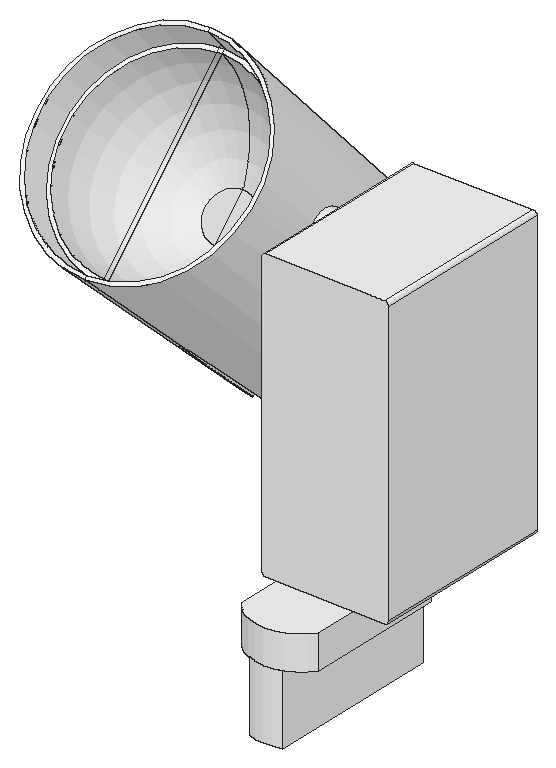
Revit family "0004873 Feilo Sylvania Lighting Fixture START TRACK SPOT S 14W 4K RA90 WB WHITE", category Lighting Fixtures, host Face, Revit 2017 (continued)
Definition of nested family "Start Track Spot Head"
  Types (96, lengths in mm): name | Wattage | built-in parameter 1150134 | Photometric Web File | Model | built-in parameter 1150105 | Lumens | built-in parameter 1150107 | built-in parameter 1150106 | HeadThickness_FEILO | HeadRibOffset_FEILO | HeadRibDepth_FEILO | HeadRibCutWidth_FEILO | HeadRibCutOffset_FEILO | HeadReflectorRadius_FEILO | HeadReflectorOffset_FEILO | HeadLEDRadius_FEILO | HeadHeight_FEILO | HeadDiffusorOffset_FEILO | HeadDiaOut_FEILO | HeadDiaIn_FEILO | HeadAxisFromTop_FEILO | Emit from Circle Diameter | built-in parameter 1150104 | Description | Apparent Load
    0004812 START TRACK SPOT S 14W 3K RA80 MB WHITE | 14 W | (empty or 0) | "0004812.ies" | "START TRACK SPOT S 14W 3K RA80 MB WHITE" | 120.32 (stored number, unit not read) | 1512 lm | 3000 (stored number, unit not read) | 1.2032 (stored number, unit not read) | 1.5 | 4.179 | 55.714 | 7.167 | 50.87 | 50.588 | 55.714 | 9.556 | 117 | 9.435 | 86 | 77.477 | 69.354 | 77.477 | 10.034 (stored number, unit not read) | "Integrated LED spotlight, Textured White - RAL9016, compact and minimalist design, ideal for retail applications, die-cast aluminium body, passive cooling heatsink. Beam angle: 36°, color temperature: 3000K , total system power: 14W, total fixture output: 1508 lm, LOR: 100%, colour rendering: Ra: 80 typical, LED Chromaticity: 3 step MacAdam ellipse, lifetime: >50000 hours at L70B50, energy class: A++, A+, A, IR/UV free light source without heat radiation, operating voltage: 220-240V / 50-60Hz, drive current: 350mA, electronic driver, non-dimmable, power factor: 0.92, electrical protection: Class II, Global Track 3 Phase adapter suitable for Global trac 3-circuit tracks, ingress protection rating: IP20, suitable for internal environment only, horizontal rotation: 355°, vertical tilt: 90°, dimensions: Ø86x140x200, weight: 0.940kg." | 14 VA
    0004811 START TRACK SPOT S 14W 3K RA80 NB WHITE | 14 W | (empty or 0) | "0004811.ies" | "START TRACK SPOT S 14W 3K RA80 NB WHITE" | 123.66 (stored number, unit not read) | 1554 lm | 3000 (stored number, unit not read) | 1.2366 (stored number, unit not read) | 1.5 | 4.179 | 55.714 | 7.167 | 50.87 | 50.588 | 55.714 | 9.556 | 117 | 9.435 | 86 | 77.477 | 69.354 | 77.477 | 10.312 (stored number, unit not read) | "Integrated LED spotlight, Textured White - RAL9016, compact and minimalist design, ideal for retail applications, die-cast aluminium body, passive cooling heatsink. Beam angle: 12°, color temperature: 3000K , total system power: 14W, total fixture output: 1551 lm, LOR: 100%, colour rendering: Ra: 80 typical, LED Chromaticity: 3 step MacAdam ellipse, lifetime: >50000 hours at L70B50, energy class: A++, A+, A, IR/UV free light source without heat radiation, operating voltage: 220-240V / 50-60Hz, drive current: 350mA, electronic driver, non-dimmable, power factor: 0.92, electrical protection: Class II, Global Track 3 Phase adapter suitable for Global trac 3-circuit tracks, ingress protection rating: IP20, suitable for internal environment only, horizontal rotation: 355°, vertical tilt: 90°, dimensions: Ø86x140x200, weight: 0.940kg." | 14 VA
  Reference planes
    plane 1 "Center (Front/Back)": y = 0
    plane 2: z = 0
    plane 3 "Center (Left/Right)": x = 0
    plane 4: x = 43
    plane 5: x = -43
    plane 6: x = -38.739
    plane 7: x = 38.739
    plane 8: z = 69.354
    plane 9: z = -47.646
    plane 10: x = -41.5
    plane 11: x = -37.239
    plane 12: z = -38.211
    plane 13: z = -35.211
    plane 14: z = 8.068
    plane 15: x = -9.556
    plane 16: x = -28.667
    plane 17: x = -19.111
    plane 18: x = -27.167
    plane 19: x = -17.611
    plane 20: x = -8.056
    plane 21: z = 13.64
    plane 22: x = -29.667
    plane 23: x = -26.167
    plane 24: x = -20.111
    plane 25: x = -16.611
    plane 26: x = -10.556
    plane 27: x = -7.056
    plane 28: x = -36.239
    plane 29: x = -40.5
    plane 30: z = 65.175
    plane 31: z = 60.997
    plane 32: z = 56.818
    plane 33: z = 18.484
    plane 34: y = -43
    plane 35: y = 43
    plane 36: y = 3.583
    plane 37: y = -3.583
    plane 38: y = -2.583
    plane 39: y = 2.583
    plane 40: y = 46
    plane 41: z = 13.5
    plane 42: z = -13.5
    plane 43: y = 39
    plane 44: x = 4.708
    plane 45: x = -2.458
    plane 46: x = -1.458
    plane 47: x = 1.458
  Forms (mm)
    Extrusion 1, solid
      sketch origin (4.2, 0, 0) x (1, 0, 0) y (0, 1, 0)
        loop
          line (-1219.2, 1219.2) -> (-1219.2, -1219.2) -> (1219.2, -1219.2) -> (1219.2, 1219.2) -> (-1219.2, 1219.2)
      from 0 to -68.017
    Revolve 2, solid, material <- "Material_1_FEILO", detail levels medium+fine
      sketch origin (0, 0, 0) x (1, 0, 0) y (0, 0, 1)
        loop
          line (-43, -47.646) -> (-41.5, -47.646) -> (-40.5, -35.211) -> (-38.739, -35.211)
          arc (-38.739, -35.211) -> (-30.16, -9.517) -> (-9.556, 8.068) r 50.588
          line (-9.556, 8.068) -> (0, 8.068) -> (0, 13.64) -> (-16.611, 13.64) -> (-17.611, 60.997) -> (-19.111, 60.997) -> (-20.111, 13.64) -> (-36.239, 13.64) -> (-37.239, 69.354) -> (-38.739, 69.354) -> (-43, -47.646)
        axis (0, 69.354) -> (0, -47.646)
      angle from 360 to 0
    Extrusion 3, void
      sketch origin (0, 0, 0) x (0, 1, 0) y (0, 0, 1)
        loop
          line (-3.583, 69.354) -> (-2.583, 18.484) -> (1.932, 18.484) -> (2.932, 69.354) -> (-3.583, 69.354)
      from 43 to -43
    Revolve 4, solid, material <- "Material_2_FEILO", detail levels medium+fine
      sketch origin (0, 0, 0) x (1, 0, 0) y (0, 0, 1)
        loop
          line (-41.5, -38.211) -> (0, -38.211) -> (0, -35.211) -> (-41.5, -35.211) -> (-41.5, -38.211)
        axis (0, -35.211) -> (0, -38.211)
      angle from 360 to 0
    Revolve 5, solid, material <- "Material_1_FEILO"
      sketch origin (0, 0, 0) x (0, 1, 0) y (0, 0, 1)
        loop
          line (46, 0) -> (39, 0) -> (39, -13.5) -> (46, -13.5) -> (46, 0)
        axis (39, 0) -> (46, 0)
      angle from 360 to 0
    Revolve 6, solid, material <- "Material_1_FEILO", detail levels medium+fine
      sketch origin (0, 0, 0) x (1, 0, 0) y (0, 0, 1)
        loop
          line (-29.667, 13.64) -> (-26.167, 13.64) -> (-27.167, 65.175) -> (-28.667, 65.175) -> (-29.667, 13.64)
        loop
          line (-10.556, 13.64) -> (-7.056, 13.64) -> (-7.833, 56.818) -> (-9.778, 56.818) -> (-10.556, 13.64)
        axis (0, 65.175) -> (0, 13.64)
      angle from 360 to 0
    Extrusion 7, void
      sketch origin (0, 0, 0) x (1, 0, 0) y (0, 0, 1)
        loop
          line (4.708, 69.354) -> (-2.458, 69.354) -> (-1.458, 13.64) -> (1.458, 13.64) -> (4.708, 69.354)
      from -43 to 43
    Revolve 8, solid, material <- "Material_1_FEILO", detail levels coarse
      sketch origin (0, 0, 0) x (1, 0, 0) y (0, 0, 1)
        loop
          line (0, 69.354) -> (-38.739, 69.354) -> (-43, -47.646) -> (-41.5, -47.646) -> (-40.731, -38.211) -> (0, -38.211) -> (0, 69.354)
        axis (0, 69.354) -> (0, -47.646)
      angle from 360 to 0
  Cuts and joins
    Extrusion 3 cuts Revolve 2
    Extrusion 7 cuts Revolve 6
  Dimensions and locks
    equal spacing: plane 7, plane 3 "Center (Left/Right)", plane 6
    equal spacing: plane 4, plane 3 "Center (Left/Right)", plane 5
    "HeadDiaOut_FEILO": plane 4 to plane 5
    "HeadDiaIn_FEILO": plane 7 to plane 6
    "HeadHeight_FEILO": plane 8 to plane 9
    "HeadThickness_FEILO": plane 10 to plane 5
    "HeadThickness_FEILO": plane 11 to plane 6
    "HeadDiffusorOffset_FEILO": plane 12 to plane 9
    "HeadDiffusorThickness_FEILO": plane 13 to plane 12
    "HeadReflectorOffset_FEILO": plane 14 to plane 9
    "HeadLEDRadius_FEILO": plane 3 "Center (Left/Right)" to plane 15
    "HeadLEDRadius_FEILO": plane 15 to plane 17
    "HeadLEDRadius_FEILO": plane 17 to plane 16
    "HeadThickness_FEILO": plane 18 to plane 16
    "HeadThickness_FEILO": plane 19 to plane 17
    "HeadThickness_FEILO": plane 20 to plane 15
    "HeadRibDepth_FEILO": plane 8 to plane 21
    "HeadDraft_FEILO": plane 16 to plane 22
    "HeadDraft_FEILO": plane 23 to plane 18
    "HeadDraft_FEILO": plane 17 to plane 24
    "HeadDraft_FEILO": plane 25 to plane 19
    "HeadDraft_FEILO": plane 15 to plane 26
    "HeadDraft_FEILO": plane 27 to plane 20
    "HeadDraft_FEILO": plane 29 to plane 10
    "HeadDraft_FEILO": plane 28 to plane 11
    "HeadRibOffset_FEILO": plane 8 to plane 30
    "HeadRibOffset_FEILO": plane 30 to plane 31
    "HeadRibOffset_FEILO": plane 31 to plane 32
    "HeadAxisFromTop_FEILO": plane 8 to plane 2
    "HeadRibCutOffset_FEILO": plane 8 to plane 33
    equal spacing: plane 34, plane 1 "Center (Front/Back)", plane 35
    "HeadDiaOut_FEILO": plane 34 to plane 35
    equal spacing: plane 38, plane 1 "Center (Front/Back)", plane 39
    equal spacing: plane 37, plane 1 "Center (Front/Back)", plane 36
    "HeadRibCutWidth_FEILO": plane 37 to plane 36
    "HeadDraft_FEILO": plane 37 to plane 38
    locked: plane 35 to plane 40 at 3
    equal spacing: plane 41, plane 2, plane 42
    locked: plane 42 to plane 41 at 27
    locked: plane 43 to plane 35 at 4
    equal spacing: plane 45, imposter light, plane 44
    "HeadDraft_FEILO": plane 46 to plane 45
    "HeadRibCutWidth_FEILO": plane 44 to plane 45
    equal spacing: plane 47, plane 3 "Center (Left/Right)", plane 46
    "HeadReflectorRadius_FEILO": radius of Revolve 2 sketch curve
    aligned and locked: plane 2 to Extrusion 1
    aligned and locked: level to Extrusion 1
    aligned and locked: Revolve 2 sketch curve to plane 3 "Center (Left/Right)"  (x2)
    aligned and locked: plane 9 to Revolve 2 sketch curve  (x2)
    aligned and locked: plane 5 to Revolve 2 sketch curve
    aligned and locked: plane 10 to Revolve 2 sketch curve
    aligned and locked: plane 14 to Revolve 2 sketch curve
    aligned and locked: plane 8 to Revolve 2 sketch curve
    aligned and locked: Revolve 2 sketch curve to plane 13
    aligned and locked: plane 12 to Revolve 4 sketch curve
    aligned and locked: plane 3 "Center (Left/Right)" to Revolve 4 sketch curve
    aligned and locked: Revolve 4 sketch curve to plane 10
    aligned and locked: Revolve 4 sketch curve to plane 3 "Center (Left/Right)"
    aligned and locked: plane 12 to imposter light
    aligned and locked: imposter light to plane 1 "Center (Front/Back)"
    aligned and locked: Revolve 5 sketch curve to plane 2
    aligned and locked: plane 43 to Revolve 5 sketch curve
    aligned and locked: plane 42 to Revolve 5 sketch curve
    aligned and locked: Revolve 6 sketch curve to plane 3 "Center (Left/Right)"
    aligned and locked: plane 22 to Revolve 6 sketch curve
    aligned and locked: plane 30 to Revolve 6 sketch curve
    aligned and locked: plane 23 to Revolve 6 sketch curve
    aligned and locked: Revolve 6 sketch curve to plane 21  (x2)
    aligned and locked: plane 21 to Revolve 6 sketch curve
    aligned and locked: plane 17 to Revolve 2 sketch curve
    aligned and locked: plane 19 to Revolve 2 sketch curve
    aligned and locked: plane 31 to Revolve 2 sketch curve
    aligned and locked: plane 21 to Revolve 2 sketch curve
    aligned and locked: Extrusion 3 to plane 8
    aligned and locked: plane 33 to Extrusion 3
    aligned and locked: plane 8 to Extrusion 3 sketch curve
    aligned and locked: Extrusion 3 sketch curve to plane 33
    aligned and locked: Extrusion 3 to plane 5
    aligned and locked: plane 4 to Extrusion 3
    aligned and locked: plane 32 to Revolve 6 sketch curve
    aligned and locked: plane 44 to Extrusion 7 sketch curve
    aligned and locked: Extrusion 7 sketch curve to plane 8
    aligned and locked: plane 46 to Extrusion 7 sketch curve
    aligned and locked: plane 21 to Extrusion 7 sketch curve
    aligned and locked: plane 34 to Extrusion 7
    aligned and locked: Extrusion 7 to plane 35
    aligned and locked: Revolve 4 sketch curve to plane 13
    aligned and locked: Revolve 5 sketch curve to plane 40
    aligned and locked: Revolve 8 sketch curve to plane 3 "Center (Left/Right)"
    aligned and locked: Revolve 8 sketch curve to cut or joined group of Revolve 2, Extrusion 3  (x3)
    aligned and locked: plane 5 to Revolve 8 sketch curve
    aligned and locked: plane 3 "Center (Left/Right)" to Revolve 8 sketch curve
    aligned and locked: plane 12 to Revolve 8 sketch curve
  Automatic sketch dimensions
    Extrusion 1 sketch curve to Extrusion 1 sketch curve = 2438.4 mm  (x2)
    Extrusion 3 sketch curve to plane 37 = 0 mm
    Extrusion 3 sketch curve to plane 38 = 0 mm
    plane 39 to Extrusion 3 sketch curve = 0.651 mm
    Extrusion 3 sketch curve to plane 39 = 0.349 mm
    Revolve 6 sketch curve to plane 16 = 0 mm
    Revolve 6 sketch curve to plane 18 = 0 mm
    Revolve 6 sketch curve to plane 26 = 0 mm
    Revolve 6 sketch curve to plane 27 = 0 mm
    Revolve 6 sketch curve to plane 15 = 0.222 mm
    plane 9 to Revolve 6 sketch curve = 559.103 mm
    Revolve 6 sketch curve to plane 8 = 2535.555 mm
    plane 20 to Revolve 6 sketch curve = 0.222 mm
    Revolve 2 sketch curve to plane 29 = 0 mm
    Revolve 2 sketch curve to plane 6 = 0 mm  (x2)
    Revolve 2 sketch curve to plane 11 = 0 mm
    Revolve 2 sketch curve to plane 21 = 0 mm
    Revolve 2 sketch curve to plane 28 = 0 mm
    Revolve 2 sketch curve to plane 24 = 0 mm
    Revolve 2 sketch curve to plane 25 = 0 mm
    Revolve 2 sketch curve to plane 15 = 0 mm
    Revolve 2 sketch curve to Revolve 2 sketch curve = 557.155 mm
    Revolve 2 sketch curve to plane 8 = 2535.558 mm
    Extrusion 7 sketch curve to plane 45 = 0 mm
    Extrusion 7 sketch curve to plane 47 = 0 mm
    plane 9 to Revolve 4 sketch curve = 559.103 mm
    Revolve 4 sketch curve to plane 8 = 2535.555 mm
    Revolve 5 sketch curve to level = 0 mm
    plane 34 to Revolve 5 sketch curve = 1968.092 mm
    Revolve 5 sketch curve to plane 40 = 1405.763 mm
    Revolve 8 sketch curve to plane 6 = 0 mm
    Revolve 8 sketch curve to plane 29 = 0.231 mm
    plane 9 to Revolve 8 sketch curve = 559.103 mm
    Revolve 8 sketch curve to Revolve 8 sketch curve = 2535.555 mm
Definition of nested family "Start Track Spot Box"
  Parameters (values of type "Type Large White")
    URL = "http://www.feilosylvania.com"
    Type Image = (empty or 0)
    Type Comments = "n/a"
    Small_FEILO = no
    Material_3_FEILO = none
    Model = ""
    Manufacturer = "Feilo Sylvania"
    Keynote = ""
    Material_2_FEILO = none
    Description = ""
    Default Elevation = 1219.2 mm
    Cost = 0
    Material_1_FEILO = none
    BoxWidth_FEILO = 49 mm
    BoxStartAngle_FEILO [instance] = 0.00°
    BoxRadius_FEILO = 1.5 mm
    BoxHeight_FEILO = if(Small_FEILO, 112 mm, 136 mm)  # 136 mm
    BoxEndAngle_FEILO [instance] = BoxStartAngle_FEILO - 180.00°  # -180.00°
    BoxDepth_FEILO = if(Small_FEILO, 71.5 mm, 79 mm)  # 79 mm
    BoxAxisVerticalOffset_FEILO = 16 mm
    BoxAxisOffset_FEILO = BoxHeight_FEILO / 6.8  # 20 mm
    Assembly Code = ""
    Material_4_FEILO = none
  Types (4, lengths in mm): name | Small_FEILO | BoxHeight_FEILO | BoxDepth_FEILO | BoxAxisOffset_FEILO
    Type Large White | no | 136 | 79 | 20
    Type Small White | yes | 112 | 71.5 | 16.471
    Type Small Black | yes | 112 | 71.5 | 16.471
    Type Large Black | no | 136 | 79 | 20
  Reference planes
    plane 1 "Center (Front/Back)": y = 0
    plane 2: z = 0
    plane 3 "Center (Left/Right)": x = 0
    plane 4: x = 24.5
    plane 5: x = -24.5
    plane 6: y = 68
    plane 7: y = -68
    plane 8: z = 39.5
    plane 9: z = -39.5
    plane 10: y = -48
    plane 11: x = 30.5
    plane 12: x = 8.5
    plane 13: x = 21.5
    plane 14: y = 70
    plane 15: y = 72
    plane 16: x = 19.5
  Forms (mm)
    Extrusion 1, solid
      sketch origin (4.2, 0, 0) x (1, 0, 0) y (0, 1, 0)
        loop
          line (-1219.2, 1219.2) -> (-1219.2, -1219.2) -> (1219.2, -1219.2) -> (1219.2, 1219.2) -> (-1219.2, 1219.2)
      from 0 to -68.017
    Extrusion 2, solid, material <- "Material_1_FEILO"
      sketch origin (0, 0, 0) x (1, 0, 0) y (0, 1, 0)
        loop
          arc (-23, 68) -> (-24.061, 67.561) -> (-24.5, 66.5) r 1.5
          line (-24.5, 66.5) -> (-24.5, -66.5)
          arc (-24.5, -66.5) -> (-24.061, -67.561) -> (-23, -68) r 1.5
          line (-23, -68) -> (23, -68)
          arc (23, -68) -> (24.061, -67.561) -> (24.5, -66.5) r 1.5
          line (24.5, -66.5) -> (24.5, 66.5)
          arc (24.5, 66.5) -> (24.061, 67.561) -> (23, 68) r 1.5
          line (23, 68) -> (-23, 68)
      from -39.5 to 39.5
    Revolve 3, solid, not visible
      sketch origin (0, 0, 0) x (1, 0, 0) y (0, 1, 0)
        loop
          line (30.5, -48) -> (24.5, -48) -> (24.5, -68) -> (30.5, -68) -> (30.5, -48)
        axis (30.5, -48) -> (24.5, -48)
      angle from 0 <- "BoxStartAngle_FEILO" to -180 <- "BoxEndAngle_FEILO"
    Revolve 4, solid, material <- "Material_2_FEILO"
      sketch origin (0, 0, 0) x (1, 0, 0) y (0, 1, 0)
        loop
          line (8.5, 68) -> (19.5, 68) -> (19.5, 70) -> (21.5, 70) -> (21.5, 72) -> (8.5, 72) -> (8.5, 68)
        axis (8.5, 72) -> (8.5, 68)
      angle from 360 to 0
  Dimensions and locks
    equal spacing: plane 5, plane 3 "Center (Left/Right)", plane 4
    "BoxWidth_FEILO": plane 5 to plane 4
    equal spacing: plane 7, plane 1 "Center (Front/Back)", plane 6
    "BoxHeight_FEILO": plane 7 to plane 6
    equal spacing: plane 8, plane 2, plane 9
    "BoxDepth_FEILO": plane 8 to plane 9
    "BoxAxisOffset_FEILO": plane 7 to plane 10
    locked: plane 4 to plane 11 at 6
    "BoxAxisVerticalOffset_FEILO": plane 12 to plane 4
    locked: plane 12 to plane 13 at 13
    plane 6 to plane 14 to plane 15 = 2 mm locked, 2 mm locked
    locked: plane 12 to plane 16 at 11
    "BoxRadius_FEILO": radius of Extrusion 2 sketch curve  (x4)
    aligned and locked: plane 2 to Extrusion 1
    aligned and locked: level to Extrusion 1
    aligned and locked: plane 6 to Extrusion 2 sketch curve
    aligned and locked: plane 5 to Extrusion 2 sketch curve
    aligned and locked: Extrusion 2 sketch curve to plane 7
    aligned and locked: Extrusion 2 sketch curve to plane 4
    aligned and locked: Extrusion 2 to plane 8
    aligned and locked: plane 9 to Extrusion 2
    aligned and locked: Revolve 3 sketch curve to plane 10  (x2)
    aligned and locked: plane 11 to Revolve 3 sketch curve
    aligned and locked: Revolve 3 sketch curve to plane 4
    aligned and locked: plane 7 to Revolve 3 sketch curve
    aligned and locked: Revolve 4 sketch curve to plane 12
    aligned and locked: plane 6 to Revolve 4 sketch curve
    aligned and locked: plane 12 to Revolve 4 sketch curve
    aligned and locked: plane 15 to Revolve 4 sketch curve
    aligned and locked: Revolve 4 sketch curve to plane 13
    aligned and locked: Revolve 4 sketch curve to plane 14
    aligned and locked: Revolve 4 sketch curve to plane 16
    aligned and locked: Revolve 4 sketch curve to plane 6
  Automatic sketch dimensions
    Extrusion 1 sketch curve to Extrusion 1 sketch curve = 2438.4 mm  (x2)
    Revolve 3 sketch curve to plane 5 = 1499.5 mm
    plane 11 to Revolve 3 sketch curve = 1493.5 mm
    plane 15 to Revolve 4 sketch curve = 0 mm
    plane 7 to Revolve 4 sketch curve = 1456 mm
    Revolve 4 sketch curve to plane 15 = 1452 mm
